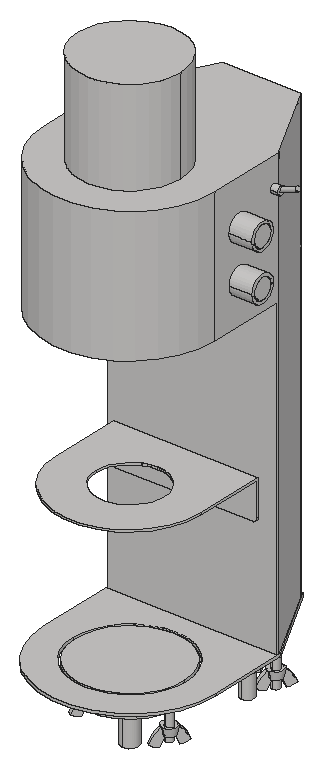
Revit family "Qf_Marco_1000830_SP9_Head", category Specialty Equipment, Revit 2019
Family settings
  Round Connector Dimension = Use Diameter
  Part Type = Normal
  Work Plane-Based = No
  Always vertical = Yes
  Cut with Voids When Loaded = No
  Shared = No
  Room Calculation Point = No
Parameters
  Weight in Pounds = 0
  Watts = if(Phase = 3, Volts * FL Amps * 1.73, Volts * FL Amps)  # 0 W
  Volts = 0 V
  URL Cutsheet = ""
  Specification by User = ""
  Specification by Manufacturer = ""
  Serial Number = ""
  Seismic Rating = ""
  SMACNA No = ""
  Revision Code = ""
  Phase = 0
  Number of Poles = 1
  NAFEM Spec ID Number = ""
  Model = "1000830"
  Min Ckt Ampacity = 0 A
  Max Overcurrent Protection = 0 A
  Masterspec = ""
  Manufacturer = "Marco Beverage Systems Ltd."
  Length = 5.15748"
  Item Number = ""
  Installed By = ""
  Identify Quantity as Lot = yes
  Height = 16.3937"
  HP = ""
  Furnished By = ""
  Foodservice Equipment Identifier = yes
  FL Amps = 0 A
  Electrical Remarks = ""
  Electric Connection Type = ""
  Elec Conn RI Height = 0.00"
  Elec Conn Connection Height = 0.00"
  Description = "Marco SP9 Head To Be Used With The SP9 Undercounter Water Boiler."
  Depth = 7.59151"
  Cycle = 0 Hz
  Conn Plug = ""
  Conn Conduit = yes
  CSI MasterFormat = ""
  Apparent Power = if(Phase = 3, Volts * FL Amps * 1.73, Volts * FL Amps)  # 0 VA
Reference planes (in)
  plane 1 "BACK": y = 0
  plane 2: z = 0
  plane 3 "LEFT": x = 0
  plane 4 "RIGHT": x = 5.15748
  plane 5 "FRONT": y = -7.59151
  plane 6 "TOP": z = 16.3937
  plane 7 "Center Y": x = 2.57874
  plane 8 "Center X": y = -3.79575
Dimensions and locks (in)
  equal spacing: plane 3 "LEFT", plane 7 "Center Y", plane 4 "RIGHT"
  "Length": plane 3 "LEFT" to plane 4 "RIGHT"
  equal spacing: plane 5 "FRONT", plane 8 "Center X", plane 1 "BACK"
  "Depth": plane 5 "FRONT" to plane 1 "BACK"
  "Height": plane 6 "TOP" to level
  aligned and locked: level to plane 2
Nested families (in)
  nested 1: "Qf_Marco_1000830_SP9_Head" at (2.57874, 0, 0), type "Qf_Marco_1000830_SP9_Head"
    with Show Clearance yes
Definition of nested family "Qf_Marco_1000830_SP9_Head"
  Parameters (values of type "Qf_Marco_1000830_SP9_Head")
    Width = 5.15748"
    WaterConnections = "3/4\" BSP"
    WarrantyGuarantorParts = "info@marco.ie"
    WarrantyGuarantorLabor = "info@marco.ie"
    WarrantyDurationUnit = "2-years"
    WarrantyDurationParts = "2-years"
    WarrantyDurationLabor = "0"
    WarrantyDescription = "Parts Only"
    URL = "http://marcobeveragesystems.com/wp-content/uploads/2016/10/Marco-SP9-new-spec-sheet-AW3-online.pdf"
    ThirdPartyAccreditation = "UL, NSF"
    TOP = 3.54331"
    Standard = "EN 60335-2-75"
    Size = ""
    Show Clearance [instance] = yes
    Shape = ""
    ReplacementCost = ""
    Rating = "Marco SP9 head to be used with the SP9 undercounter water boiler."
    RT = 5.84816"
    RF = 5.11811"
    NominalWidth = ""
    NominalLength = ""
    NominalHeight = ""
    ModelReference = "SP9 Head"
    ModelNumber = "1000830"
    Model = "1000660"
    Material = "Mild  Steel"
    Manufacturer = "Marco Beverage Systems Ltd."
    Legs_height = 1.1811"
    Height = 13.54331"
    Grade = ""
    Finish = ""
    ExpectedLife = "5-Years"
    ElectricalSupply = ""
    DurationUnit = "5-Years"
    DimensionsWidthMaximum = "110mm"
    DimensionsHeightMaximum = "320mm"
    DimensionsDepthMaximum = "180mm"
    Description = "Marco SP9 head to be used with the SP9 undercounter water boiler."
    Depth = 7.59151"
    Default Elevation = 48.00"
    ConstructionTankMaterial = ""
    ConstructionTankHeatUpTimeFromColdMaximum = ""
    ConstructionTankCapacityMinimum = ""
    ConstructionFeatures = ""
    ConstructionCasingMaterial = "Painted Mild Steel"
    ConstructionCasingFinish = "Painted"
    Color = "Powder Coated Matt Black"
    AssetType = "Fixed"
    Arrangement = "Counter Mounted"
  Reference planes (in)
    plane 1 "Center (Front/Back)": y = 0
    plane 2: z = 0
    plane 3 "Center (Left/Right)": x = 0
    plane 4: y = -7.59151
    plane 5: x = 2.57874
    plane 6: x = -2.57874
    plane 7: z = 13.54331
    plane 8: z = 0.07874
    plane 9: z = 16.3937
    plane 10: z = 4.80315
    plane 11 "void": z = 9.52756
    plane 12: z = 16.3937
    plane 13 "s": through (3.2616, -60, 12.97254) normal (0.9397, 0, 0.342)
    plane 14 "nut2": through (1.23579, -0.36436, 47.24409) normal (0.8372, -0.5469, 0)
  Forms (in)
    Extrusion 1, solid
      sketch origin (0, 0, 0) x (1, 0, 0) y (0, 1, 0)
        loop
          line (-1.20342, -0.04133) -> (-2.56929, -2.57116)
          arc (-2.56929, -2.57116) -> (-2.57634, -2.58927) -> (-2.57874, -2.60857) r 0.07874
          line (-2.57874, -2.60857) -> (-2.57874, -5.00993)
          arc (-2.57874, -5.00993) -> (0, -7.58867) -> (2.57874, -5.00993) r 2.57874
          line (2.57874, -5.00993) -> (2.57874, -2.60857)
          arc (2.57874, -2.60857) -> (2.57634, -2.58927) -> (2.56929, -2.57116) r 0.07874
          line (2.56929, -2.57116) -> (1.20342, -0.04133)
          arc (1.20342, -0.04133) -> (1.17447, -0.01112) -> (1.13413, 0) r 0.07874
          line (1.13413, 0) -> (-1.13413, 0)
          arc (-1.13413, 0) -> (-1.17447, -0.01112) -> (-1.20342, -0.04133) r 0.07874
        loop
          circle (0, -5.00993) r 1.70031
        loop
          circle (0, -5.00993) r 1.62157
      from 0 to 0.07874
    Extrusion 2, solid
      sketch origin (-0.04921, 0, 0) x (1, 0, 0) y (0, 1, 0)
        loop
          line (-2.11614, -2.96603) -> (-2.11614, -5.05892)
          arc (-2.11614, -5.05892) -> (0.04921, -7.22427) -> (2.21457, -5.05892) r 2.16535
          line (2.21457, -5.05892) -> (2.21457, -2.96603) -> (-2.11614, -2.96603)
        loop
          circle (0.05677, -5.0077) r 1.02362
      from 4.74409 to 4.80315
    Extrusion 3, solid
      sketch origin (0, 0, 0) x (1, 0, 0) y (0, 1, 0)
        loop
          line (-1.20342, -0.11819) -> (-2.52992, -2.5751)
          arc (-2.52992, -2.5751) -> (-2.53697, -2.59321) -> (-2.53937, -2.6125) r 0.07874
          line (-2.53937, -2.6125) -> (-2.53937, -5.00993)
          arc (-2.53937, -5.00993) -> (0, -7.5493) -> (2.53937, -5.00993) r 2.53937
          line (2.53937, -5.00993) -> (2.53937, -2.6125)
          arc (2.53937, -2.6125) -> (2.53697, -2.59321) -> (2.52992, -2.5751) r 0.07874
          line (2.52992, -2.5751) -> (1.20342, -0.11819)
          arc (1.20342, -0.11819) -> (1.17447, -0.08798) -> (1.13413, -0.07686) r 0.07874
          line (1.13413, -0.07686) -> (-1.13413, -0.07686)
          arc (-1.13413, -0.07686) -> (-1.17447, -0.08798) -> (-1.20342, -0.11819) r 0.07874
      from 9.52756 to 13.54331
    Extrusion 4, solid
      sketch origin (0, 0, 0) x (1, 0, 0) y (0, 1, 0)
        loop
          line (-1.20342, -0.11819) -> (-2.52992, -2.5751)
          arc (-2.52992, -2.5751) -> (-2.53697, -2.59321) -> (-2.53937, -2.6125) r 0.07874
          line (-2.53937, -2.6125) -> (-2.53937, -2.67076) -> (2.53937, -2.67076) -> (2.53937, -2.6125)
          arc (2.53937, -2.6125) -> (2.53697, -2.59321) -> (2.52992, -2.5751) r 0.07874
          line (2.52992, -2.5751) -> (1.20342, -0.11819)
          arc (1.20342, -0.11819) -> (1.17447, -0.08798) -> (1.13413, -0.07686) r 0.07874
          line (1.13413, -0.07686) -> (-1.13413, -0.07686)
          arc (-1.13413, -0.07686) -> (-1.17447, -0.08798) -> (-1.20342, -0.11819) r 0.07874
      from 0.07874 to 9.52756
    Extrusion 5, solid
      sketch origin (-2.5315, -2.67076, 0) x (1, 0, 0) y (0, 0, 1)
        loop
          line (0.36614, 4.80315) -> (0.36614, 3.74016)
          arc (0.36614, 3.74016) -> (0.40074, 3.65664) -> (0.48425, 3.62205) r 0.11811
          line (0.48425, 3.62205) -> (4.57874, 3.62205)
          arc (4.57874, 3.62205) -> (4.66226, 3.65664) -> (4.69685, 3.74016) r 0.11811
          line (4.69685, 3.74016) -> (4.69685, 4.80315) -> (0.36614, 4.80315)
      from 0.23527 to 0.29528
    Extrusion 6, solid
      sketch origin (0, 0, 13.54331) x (1, 0, 0) y (0, 1, 0)
        loop
          circle (-0.00354, -5.00989) r 1.53839
      from 0 to 2.85039
    Extrusion 7, solid
      sketch origin (2.53937, -5.00993, 0) x (0, 1, 0) y (0, 0, 1)
        loop
          circle (0.90287, 12.20645) r 0.3937
        loop
          circle (0.90595, 10.78844) r 0.3937
      from 0 to 0.71654
    Extrusion 8, solid
      sketch origin (2.53937, -5.00993, 0) x (0, 1, 0) y (0, 0, 1)
        loop
          circle (2.186, 12.69686) r 0.12205
      from 0 to 0.24803
    Extrusion 9, solid
      sketch origin (7.04936, 0, 2.56576) x (-0.34202, 0, 0.939693) y (0, -1, 0)
        loop
          circle (11.00955, 2.82064) r 0.06789
      from -0.58873 to 0
    Extrusion 10, void
      sketch origin (3.25591, -5.00993, 0) x (0, -1, 0) y (0, 0, 1)
        loop
          circle (-0.90287, 12.20645) r 0.32929
        loop
          circle (-0.90287, 12.20645) r 0.2962
        loop
          circle (-0.90595, 10.78844) r 0.32435
        loop
          circle (-0.90595, 10.78844) r 0.28976
      from 0 to 0.10921
    Extrusion 11, solid
      sketch origin (0, 0, 0) x (0, 1, 0) y (1, 0, 0)
        loop
          circle (-5.00993, 0) r 1.49963
      from 0 to 0.66929
    Extrusion 12, solid
      sketch origin (0, 0, 0) x (0, 1, 0) y (1, 0, 0)
        loop
          circle (-5.00989, -0.00354) r 0.24981
        loop
          circle (-5.00989, -0.00354) r 0.19685
      from 0.40658 to 2.16535
    Extrusion 13, solid
      sketch origin (0, 0, 0) x (0, 1, 0) y (1, 0, 0)
        loop
          circle (-1.78937, -0.94434) r 0.20472
        loop
          circle (-1.78937, -0.94434) r 0.15976
        loop
          circle (-1.78937, 0.00054) r 0.20472
        loop
          circle (-1.78937, 0.00054) r 0.15976
        loop
          circle (-1.78937, 0.94542) r 0.20472
        loop
          circle (-1.78937, 0.94542) r 0.15976
      from 0 to 1.9685
    Extrusion 14, solid
      sketch origin (0, 0, 0) x (0, 1, 0) y (1, 0, 0)
        loop
          circle (-1.78937, -0.94434) r 0.33614
        loop
          circle (-1.78937, 0.00054) r 0.33614
        loop
          circle (-1.78937, 0.94542) r 0.33614
      from 0 to 0.98425
    Extrusion 15, solid
      sketch origin (0, 0, 0) x (0, 1, 0) y (1, 0, 0)
        loop
          line (-1.42546, -1.12976) -> (-1.44684, -0.72189) -> (-1.81075, -0.53647) -> (-2.15329, -0.75892) -> (-2.13191, -1.16679) -> (-1.768, -1.35221) -> (-1.42546, -1.12976)
        loop
          line (-1.42546, -0.18555) -> (-1.44684, 0.22232) -> (-1.81075, 0.40774) -> (-2.15329, 0.18529) -> (-2.13191, -0.22258) -> (-1.768, -0.408) -> (-1.42546, -0.18555)
        loop
          line (-1.42546, 0.75933) -> (-1.44684, 1.1672) -> (-1.81075, 1.35262) -> (-2.15329, 1.13018) -> (-2.13191, 0.72231) -> (-1.768, 0.53688) -> (-1.42546, 0.75933)
      from 0.98425 to 1.1811
    Extrusion 16, solid
      sketch origin (0, 0, 0) x (0, 1, 0) y (1, 0, 0)
        loop
          circle (-0.80908, 1.01615) r 0.11628
        loop
          circle (-0.80908, -1.01608) r 0.11628
        loop
          circle (-5.00782, 1.17847) r 0.11628
        loop
          circle (-5.00886, -1.18126) r 0.11628
      from 0 to 2.14173
    Extrusion 17, void
      sketch origin (0, 0, 0) x (1, 0, 0) y (0, 1, 0)
        loop
          line (-1.48349, -4.79053) -> (-1.48349, -5.26347) -> (1.47804, -5.26347) -> (1.47804, -4.79053) -> (-1.48349, -4.79053)
      from -1.65354 to -2.16535
    Revolve 18, solid
      sketch origin (1.01615, 0, 0) x (0, -1, 0) y (0, 0, 1)
        loop
          line (0.69163, -1.62205) -> (0.57738, -1.62205) -> (0.62759, -1.85827) -> (0.69163, -1.85827) -> (0.69163, -1.62205)
        axis (0.80908, -1.85827) -> (0.80908, -1.62205)
      angle from 0 to 360
    Extrusion 19, solid
      sketch origin (1.03294, -0.67485, 0) x (0.546944, 0.837169, 0) y (0, 0, 1)
        loop
          arc (0.39514, -2.05279) -> (0.27161, -1.83495) -> (0.10511, -1.64789) r 1.1868
          line (0.10511, -1.64789) -> (0.06048, -1.64789) -> (0.00559, -1.85827) -> (0.12613, -2.14224)
          arc (0.12613, -2.14224) -> (0.26734, -2.11768) -> (0.39514, -2.05279) r 0.48324
        loop
          arc (-0.63826, -2.05279) -> (-0.51046, -2.11768) -> (-0.36925, -2.14224) r 0.48324
          line (-0.36925, -2.14224) -> (-0.24872, -1.85827) -> (-0.30361, -1.64789) -> (-0.34824, -1.64789)
          arc (-0.34824, -1.64789) -> (-0.51473, -1.83495) -> (-0.63826, -2.05279) r 1.1868
      from 0 to 0.11811
    Extrusion 20, solid
      sketch origin (0, 0, 0) x (0, 1, 0) y (1, 0, 0)
        loop
          circle (-1.14174, -0.43198) r 0.29921
        loop
          circle (-1.14174, -0.43198) r 0.10059
      from 0 to 0.175
    Extrusion 21, solid
      sketch origin (0, -18.62677, 0) x (0, 0, 1) y (-1, 0, 0)
        loop
          circle (4.1749, 1.53535) r 0.42664
        loop
          circle (4.1749, 1.53535) r 0.15265
        loop
          circle (4.1749, -1.52947) r 0.42664
        loop
          circle (4.1749, -1.52947) r 0.15265
      from -15.95601 to -15.72075
  Cuts and joins
    Extrusion 10, Extrusion 17 cuts Extrusion 3
    Extrusion 10, Extrusion 17 cuts Extrusion 4
    joined: Extrusion 3, Extrusion 4
    Extrusion 17 cuts Extrusion 2
    Extrusion 17 cuts Extrusion 5
    joined: Extrusion 2, Extrusion 5
    joined: Extrusion 8, Extrusion 9
    Extrusion 10 cuts Extrusion 7
    Extrusion 17 cuts Extrusion 1
    Extrusion 17 cuts Extrusion 16
  Lines and regions (in)
    symbolic lines
      curve 1: line (1.13413, 0, 0) -> (-1.13413, 0, 0)
      curve 2: arc (-1.13413, 0, 0) -> (-1.17447, -0.01112, 0) -> (-1.20342, -0.04133, 0) r 0.07874
      curve 3: line (-1.20342, -0.04133, 0) -> (-2.56929, -2.57116, 0)
      curve 4: arc (-2.56929, -2.57116, 0) -> (-2.57634, -2.58927, 0) -> (-2.57874, -2.60857, 0) r 0.07874
      curve 5: line (-2.57874, -2.60857, 0) -> (-2.57874, -5.00993, 0)
      curve 6: arc (-2.57874, -5.00993, 0) -> (0, -7.58867, 0) -> (2.57874, -5.00993, 0) r 2.57874
      curve 7: line (2.57874, -5.00993, 0) -> (2.57874, -2.60857, 0)
      curve 8: arc (2.57874, -2.60857, 0) -> (2.57634, -2.58927, 0) -> (2.56929, -2.57116, 0) r 0.07874
      curve 9: line (2.56929, -2.57116, 0) -> (1.20342, -0.04133, 0)
      curve 10: arc (1.20342, -0.04133, 0) -> (1.17447, -0.01112, 0) -> (1.13413, 0, 0) r 0.07874
      curve 11: line (1.13413, -0.07686, 0) -> (-1.13413, -0.07686, 0)
      curve 12: arc (-1.13413, -0.07686, 0) -> (-1.17447, -0.08798, 0) -> (-1.20342, -0.11819, 0) r 0.07874
      curve 13: line (-1.20342, -0.11819, 0) -> (-2.52992, -2.5751, 0)
      curve 14: arc (-2.52992, -2.5751, 0) -> (-2.53697, -2.59321, 0) -> (-2.53937, -2.6125, 0) r 0.07874
      curve 15: line (-2.53937, -2.6125, 0) -> (-2.53937, -5.00993, 0)
      curve 16: arc (-2.53937, -5.00993, 0) -> (0, -7.5493, 0) -> (2.53937, -5.00993, 0) r 2.53937
      curve 17: line (2.53937, -5.00993, 0) -> (2.53937, -2.6125, 0)
      curve 18: arc (2.53937, -2.6125, 0) -> (2.53697, -2.59321, 0) -> (2.52992, -2.5751, 0) r 0.07874
      curve 19: line (2.52992, -2.5751, 0) -> (1.20342, -0.11819, 0)
      curve 20: arc (1.20342, -0.11819, 0) -> (1.17447, -0.08798, 0) -> (1.13413, -0.07686, 0) r 0.07874
      curve 21: arc (1.53484, -5.00989, 0) -> (-0.00354, -3.4715, 0) -> (-1.54193, -5.00989, 0) r 1.53839
      curve 22: arc (-1.54193, -5.00989, 0) -> (-0.00354, -6.54827, 0) -> (1.53484, -5.00989, 0) r 1.53839
      curve 23: line (3.25591, -3.71028, 0) -> (2.57874, -3.71028, 0)
      curve 24: line (3.25591, -3.71028, 0) -> (3.25591, -4.50076, 0)
      curve 25: line (3.25591, -4.50076, 0) -> (2.57874, -4.50076, 0)
      curve 26: line (2.7874, -2.70189, 0) -> (2.57874, -2.70189, 0)
      curve 27: line (2.7874, -2.70189, 0) -> (2.7874, -2.94598, 0)
      curve 28: line (2.7874, -2.94598, 0) -> (2.57874, -2.94598, 0)
      curve 29: line (3.2807, -2.75133, 0) -> (2.7874, -2.75133, 0)
      curve 30: line (3.2807, -2.88936, 0) -> (2.7874, -2.88936, 0)
      curve 31: arc (3.2807, -2.75133, 0) -> (3.30989, -2.82034, 0) -> (3.2807, -2.88936, 0) r 0.09619
      curve 32: arc (3.2807, -2.75133, 0) -> (3.25818, -2.82034, 0) -> (3.2807, -2.88936, 0) r 0.11704
  Dimensions and locks (in)
    "Depth": plane 4 to plane 1 "Center (Front/Back)"
    equal spacing: plane 6, plane 3 "Center (Left/Right)", plane 5
    "Width": plane 6 to plane 5
    "Height": plane 7 to plane 2
    plane 10 to plane 2 = 4.80315"
    plane 11 "void" to plane 2 = 9.52756"
    plane 12 to plane 8 = 16.31496"
    plane 7 to plane 2 = 13.54331"
    aligned and locked: plane 12 to plane 9
    aligned and locked: plane 12 to Extrusion 6
    aligned and locked: plane 7 to cut or joined group of Extrusion 3, Extrusion 4, Extrusion 10, Extrusion 17
  Automatic sketch dimensions
    plane 6 to Extrusion 2 sketch curve = 0.41339"
    Extrusion 2 sketch curve to plane 3 "Center (Left/Right)" = 0.00"
    plane 3 "Center (Left/Right)" to Extrusion 2 sketch curve = 0.00755"
    plane 4 to Extrusion 2 sketch curve = 2.53259"
    Extrusion 2 sketch curve to Extrusion 2 sketch curve = 0.05122"
    Extrusion 2 sketch curve to Extrusion 2 sketch curve = 2.09289"
    plane 6 to Extrusion 3 sketch curve = 0.03937"
    plane 1 "Center (Front/Back)" to Extrusion 3 sketch curve = 0.07686"
    plane 3 "Center (Left/Right)" to Extrusion 3 sketch curve = 0.00"
    plane 6 to Extrusion 3 sketch curve = 0.04882"
    plane 6 to Extrusion 3 sketch curve = 0.11811"
    plane 1 "Center (Front/Back)" to Extrusion 3 sketch curve = 0.11819"  (x2)
    Extrusion 3 sketch curve to plane 3 "Center (Left/Right)" = 1.20342"
    Extrusion 3 sketch curve to Extrusion 3 sketch curve = 0.06929"
    plane 1 "Center (Front/Back)" to Extrusion 3 sketch curve = 0.1556"
    plane 3 "Center (Left/Right)" to Extrusion 3 sketch curve = 1.13413"
    Extrusion 3 sketch curve to plane 5 = 0.11811"
    Extrusion 3 sketch curve to plane 5 = 0.04882"
    plane 1 "Center (Front/Back)" to Extrusion 3 sketch curve = 2.5751"  (x2)
    Extrusion 3 sketch curve to Extrusion 3 sketch curve = 2.39742"
    plane 1 "Center (Front/Back)" to Extrusion 4 sketch curve = 0.07686"
    Extrusion 4 sketch curve to plane 3 "Center (Left/Right)" = 1.13413"
    plane 1 "Center (Front/Back)" to Extrusion 4 sketch curve = 0.11819"  (x2)
    Extrusion 4 sketch curve to Extrusion 4 sketch curve = 0.06929"
    plane 6 to Extrusion 4 sketch curve = 0.11811"
    Extrusion 4 sketch curve to Extrusion 4 sketch curve = 0.00945"  (x2)
    plane 1 "Center (Front/Back)" to Extrusion 4 sketch curve = 0.1556"
    plane 3 "Center (Left/Right)" to Extrusion 4 sketch curve = 1.13413"
    Extrusion 4 sketch curve to Extrusion 4 sketch curve = 0.07874"
    plane 1 "Center (Front/Back)" to Extrusion 4 sketch curve = 2.5751"
    Extrusion 4 sketch curve to Extrusion 4 sketch curve = 0.05825"  (x2)
    Extrusion 4 sketch curve to plane 5 = 0.11811"
    plane 6 to Extrusion 4 sketch curve = 0.03937"
    Extrusion 4 to Extrusion 5 sketch curve = 0.37402"  (x2)
    Extrusion 5 sketch curve to Extrusion 5 sketch curve = 0.11811"
    Extrusion 4 to Extrusion 5 sketch curve = 0.49213"
    Extrusion 4 to Extrusion 5 sketch curve = 3.54331"
    Extrusion 5 sketch curve to Extrusion 5 sketch curve = 1.06299"
    Extrusion 1 sketch curve to Extrusion 1 sketch curve = 0.00"  (x4)
    Extrusion 1 sketch curve to plane 6 = 0.00"
    plane 1 "Center (Front/Back)" to Extrusion 1 sketch curve = 0.00"
    Extrusion 1 sketch curve to plane 3 "Center (Left/Right)" = 0.00"
    plane 6 to Extrusion 1 sketch curve = 0.00945"
    plane 6 to Extrusion 1 sketch curve = 0.07874"
    plane 1 "Center (Front/Back)" to Extrusion 1 sketch curve = 0.04133"  (x2)
    Extrusion 1 sketch curve to plane 3 "Center (Left/Right)" = 1.20342"
    Extrusion 1 sketch curve to Extrusion 1 sketch curve = 0.06929"
    plane 1 "Center (Front/Back)" to Extrusion 1 sketch curve = 0.07874"
    plane 3 "Center (Left/Right)" to Extrusion 1 sketch curve = 1.13413"
    Extrusion 1 sketch curve to plane 5 = 0.07874"
    Extrusion 1 sketch curve to plane 5 = 0.00945"
    plane 1 "Center (Front/Back)" to Extrusion 1 sketch curve = 2.57116"  (x2)
    Extrusion 1 sketch curve to Extrusion 1 sketch curve = 2.40136"
    Extrusion 6 sketch curve to Extrusion 3 = 2.53583"
    Extrusion 6 sketch curve to Extrusion 3 = 4.93303"
    Extrusion 4 to Extrusion 7 sketch curve = 1.43322"
    Extrusion 7 sketch curve to Extrusion 7 sketch curve = 0.00308"
    Extrusion 7 sketch curve to Extrusion 4 = 1.26088"
    Extrusion 7 sketch curve to Extrusion 7 sketch curve = 1.41801"
    Extrusion 4 to Extrusion 8 sketch curve = 0.15318"
    Extrusion 8 sketch curve to Extrusion 4 = 3.1693"
    plane 1 "Center (Front/Back)" to Extrusion 9 sketch curve = 2.82064"
    Extrusion 12 sketch curve to Extrusion 12 sketch curve = 0.00"  (x2)
    Extrusion 1 to Extrusion 12 sketch curve = 5.00989"
    Extrusion 1 to Extrusion 12 sketch curve = 2.5752"
    Extrusion 13 sketch curve to Extrusion 13 sketch curve = 0.00"  (x8)
    Extrusion 1 to Extrusion 13 sketch curve = 1.78937"
    Extrusion 1 to Extrusion 13 sketch curve = 1.63332"
    Extrusion 13 sketch curve to Extrusion 13 sketch curve = 0.94488"  (x2)
    Extrusion 1 to Extrusion 14 sketch curve = 1.78937"
    Extrusion 14 sketch curve to Extrusion 14 sketch curve = 0.00"  (x2)
    Extrusion 1 to Extrusion 14 sketch curve = 1.63332"
    Extrusion 14 sketch curve to Extrusion 14 sketch curve = 0.94488"  (x2)
    Extrusion 1 to Extrusion 15 sketch curve = 2.15329"
    Extrusion 15 sketch curve to Extrusion 15 sketch curve = 0.00"  (x2)
    Extrusion 15 sketch curve to Extrusion 15 sketch curve = 0.02138"  (x6)
    Extrusion 15 sketch curve to Extrusion 15 sketch curve = 0.34254"  (x3)
    Extrusion 15 sketch curve to Extrusion 15 sketch curve = 0.04275"  (x2)
    Extrusion 15 sketch curve to Extrusion 15 sketch curve = 0.36391"  (x4)
    Extrusion 1 to Extrusion 15 sketch curve = 1.22612"
    Extrusion 15 sketch curve to Extrusion 15 sketch curve = 0.18542"  (x6)
    Extrusion 15 sketch curve to Extrusion 15 sketch curve = 0.22245"  (x3)
    Extrusion 15 sketch curve to Extrusion 15 sketch curve = 0.40787"  (x6)
    Extrusion 15 sketch curve to Extrusion 15 sketch curve = 0.12914"
    Extrusion 15 sketch curve to Extrusion 15 sketch curve = 0.12847"
    Extrusion 1 to Extrusion 16 sketch curve = 1.39748"
    Extrusion 1 to Extrusion 16 sketch curve = 5.00886"
    Extrusion 16 sketch curve to Extrusion 16 sketch curve = 0.00104"
    Extrusion 1 to Extrusion 16 sketch curve = 0.80908"  (x2)
    Extrusion 1 to Extrusion 16 sketch curve = 1.56266"
    Extrusion 1 to Extrusion 16 sketch curve = 1.56259"
    Extrusion 1 to Extrusion 16 sketch curve = 1.40027"
    Extrusion 1 to Extrusion 17 sketch curve = 1.09525"
    Extrusion 1 to Extrusion 17 sketch curve = 1.1007"
    Extrusion 1 to Extrusion 17 sketch curve = 5.26347"
    Extrusion 17 sketch curve to Extrusion 17 sketch curve = 0.47294"
    Revolve 18 sketch curve to Revolve 18 sketch curve = 0.06404"
    Revolve 18 sketch curve to level = 1.85827"
    Revolve 18 sketch curve to Revolve 18 sketch curve = 0.11425"
    Revolve 18 sketch curve to Revolve 18 sketch curve = 0.00"
    Revolve 18 sketch curve to Revolve 18 sketch curve = 0.23622"
    Revolve 18 sketch curve to Revolve 18 sketch curve = 0.35433"
    Extrusion 19 sketch curve to level = 2.52604"
    Extrusion 19 sketch curve to level = 2.14224"  (x2)
    Extrusion 19 sketch curve to Extrusion 19 sketch curve = 0.32397"  (x2)
    Extrusion 19 sketch curve to Extrusion 19 sketch curve = 0.01126"
    Extrusion 19 sketch curve to Extrusion 19 sketch curve = 0.00975"  (x2)
    Extrusion 19 sketch curve to level = 1.64789"  (x2)
    Extrusion 19 sketch curve to Extrusion 19 sketch curve = 0.04463"  (x2)
    Extrusion 19 sketch curve to level = 1.85827"  (x2)
    Extrusion 19 sketch curve to Extrusion 19 sketch curve = 0.05489"  (x2)
    Extrusion 19 sketch curve to Extrusion 19 sketch curve = 0.25431"
    Extrusion 19 sketch curve to Extrusion 19 sketch curve = 0.12054"
    Extrusion 19 sketch curve to Extrusion 19 sketch curve = 0.3838"
    Extrusion 19 sketch curve to Extrusion 19 sketch curve = 0.01124"  (x2)
    Extrusion 20 sketch curve to Extrusion 20 sketch curve = 0.00"  (x2)
    Extrusion 1 to Extrusion 20 sketch curve = 1.14174"
    Extrusion 1 to Extrusion 20 sketch curve = 2.14676"
    Extrusion 21 sketch curve to Extrusion 21 sketch curve = 0.00"  (x5)
    Extrusion 21 sketch curve to plane 10 = 0.62825"  (x2)
    plane 6 to Extrusion 21 sketch curve = 1.04339"
    plane 1 "Center (Front/Back)" to Revolve 18 sketch curve = 0.57738"
    Revolve 18 sketch curve to Revolve 18 sketch curve = 0.11745"
    Extrusion 21 sketch curve to plane 5 = 1.04927"
    curve 6 to curve 16 = 0.00"  (x2)
    curve 5 to plane 6 = 0.00"
    plane 1 "Center (Front/Back)" to curve 2 = 0.00"
    curve 6 to plane 3 "Center (Left/Right)" = 0.00"
    plane 6 to curve 3 = 0.00945"
    plane 6 to curve 15 = 0.03937"
    curve 14 to curve 13 = 0.00945"
    curve 14 to curve 4 = 0.03937"
    curve 4 to curve 14 = 0.03937"
    plane 1 "Center (Front/Back)" to curve 3 = 0.04133"
    curve 3 to plane 3 "Center (Left/Right)" = 1.20342"
    plane 1 "Center (Front/Back)" to curve 13 = 0.11819"
    curve 13 to curve 2 = 0.00"
    curve 2 to curve 2 = 0.06929"
    curve 12 to curve 2 = 0.00"
    curve 21 to plane 3 "Center (Left/Right)" = 0.00354"
    plane 1 "Center (Front/Back)" to curve 20 = 0.1556"
    plane 3 "Center (Left/Right)" to curve 20 = 1.13413"
    curve 10 to curve 11 = 0.00"
    plane 1 "Center (Front/Back)" to curve 9 = 0.04133"
    curve 20 to curve 9 = 0.06929"
    plane 1 "Center (Front/Back)" to curve 19 = 0.11819"
    curve 19 to curve 10 = 0.00"
    curve 18 to curve 17 = 0.07874"
    curve 8 to curve 17 = 0.03937"
    curve 19 to curve 17 = 0.00945"
    curve 9 to plane 5 = 0.00945"
    curve 26 to curve 26 = 0.20866"
    curve 30 to curve 31 = 0.4263"
    curve 25 to curve 24 = 0.67717"
    curve 31 to curve 29 = 0.067"
    curve 31 to curve 30 = 0.067"
    curve 31 to curve 32 = 0.09452"
    plane 1 "Center (Front/Back)" to curve 3 = 2.57116"
    plane 1 "Center (Front/Back)" to curve 9 = 2.57116"
    curve 19 to curve 8 = 0.00394"
    curve 13 to curve 3 = 0.00394"
    curve 27 to curve 8 = 0.09332"
    curve 29 to curve 26 = 0.04944"
    curve 31 to curve 31 = 0.06901"
    curve 28 to curve 30 = 0.05662"
    curve 23 to curve 31 = 0.82092"
    curve 24 to curve 23 = 0.79048"
    plane 4 to curve 22 = 2.58162"
    curve 15 to curve 21 = 0.00004"
    curve 15 to curve 22 = 0.99744"
    radius of Extrusion 2 sketch curve = 1.02362"
    radius of Extrusion 1 sketch curve = 1.70031"
    radius of Extrusion 1 sketch curve = 1.62157"
    radius of Extrusion 6 sketch curve = 1.53839"
    radius of Extrusion 7 sketch curve = 0.3937"  (x2)
    radius of Extrusion 8 sketch curve = 0.12205"
    radius of Extrusion 9 sketch curve = 0.06789"
    radius of Extrusion 10 sketch curve to Extrusion 7 = 0.06441"
    radius of Extrusion 10 sketch curve to Extrusion 7 = 0.0975"
    radius of Extrusion 10 sketch curve to Extrusion 7 = 0.06935"
    radius of Extrusion 10 sketch curve to Extrusion 7 = 0.10394"
    radius of Extrusion 11 sketch curve to Extrusion 1 = 0.12194"
    radius of Extrusion 12 sketch curve = 0.24981"
    radius of Extrusion 12 sketch curve = 0.19685"
    radius of Extrusion 13 sketch curve = 0.20472"  (x3)
    radius of Extrusion 13 sketch curve = 0.15976"  (x3)
    radius of Extrusion 14 sketch curve = 0.33614"  (x3)
    radius of Extrusion 16 sketch curve = 0.11628"  (x4)
    radius of Extrusion 20 sketch curve = 0.29921"
    radius of Extrusion 20 sketch curve = 0.10059"
    radius of Extrusion 21 sketch curve = 0.42664"  (x2)
    radius of Extrusion 21 sketch curve = 0.15265"  (x2)
  Nested families (in)
    nested 1: "Nut" at (-1.00605, -0.79484, 0), type "Nut"
    nested 2: "Nut" at (-1.18101, -5.00886, 0.36614), type "Nut"
    nested 3: "Nut" at (1.17872, -5.00782, 0.36614), type "Nut"
  Definition of nested family "Nut"
    Reference planes (in)
      plane 1 "Center (Front/Back)": y = 0
      plane 2: z = 0
      plane 3 "Center (Left/Right)": x = 0
    Forms (in)
      Revolve 1, solid
        sketch origin (0, 0.80908, 0) x (0, -1, 0) y (0, 0, 1)
          loop
            line (0.69163, -1.62205) -> (0.57738, -1.62205) -> (0.62759, -1.85827) -> (0.69163, -1.85827) -> (0.69163, -1.62205)
          axis (0.80908, -1.85827) -> (0.80908, -1.62205)
        angle from 0 to 360
      Extrusion 2, solid
        sketch origin (0.0168, 0.13423, 0) x (0.546944, 0.837169, 0) y (0, 0, 1)
          loop
            arc (0.39514, -2.05279) -> (0.27161, -1.83495) -> (0.10511, -1.64789) r 1.1868
            line (0.10511, -1.64789) -> (0.06048, -1.64789) -> (0.00559, -1.85827) -> (0.12613, -2.14224)
            arc (0.12613, -2.14224) -> (0.26734, -2.11768) -> (0.39514, -2.05279) r 0.48324
          loop
            arc (-0.63826, -2.05279) -> (-0.51046, -2.11768) -> (-0.36925, -2.14224) r 0.48324
            line (-0.36925, -2.14224) -> (-0.24872, -1.85827) -> (-0.30361, -1.64789) -> (-0.34824, -1.64789)
            arc (-0.34824, -1.64789) -> (-0.51473, -1.83495) -> (-0.63826, -2.05279) r 1.1868
        from 0 to 0.11811
    Dimensions and locks (in)
      aligned and locked: level to plane 2
